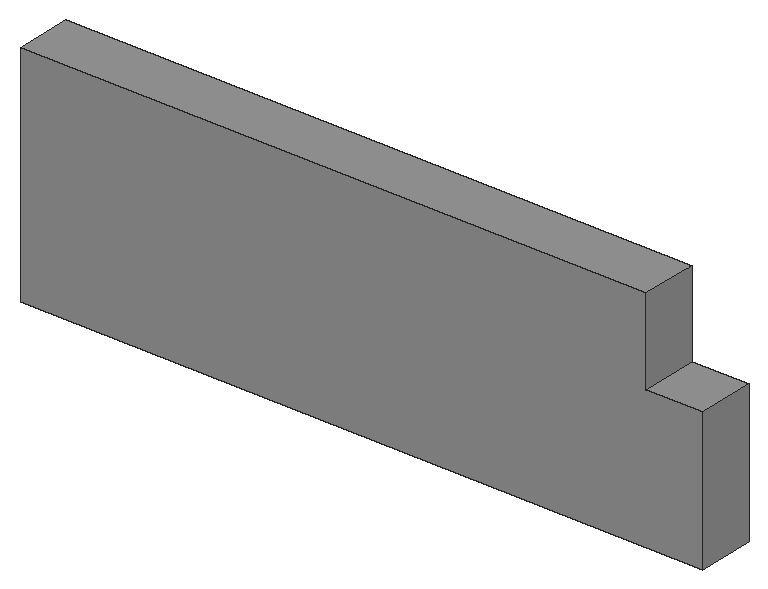
Revit family "Stonepanel_Sabbia_PiezaDeEncuentro_ESP", category Modelos genéricos, Revit 2017
Family settings
  Anfitrión = Muro
  Puede alojar armadura = No
  Cota de conector redondo = Diámetro de uso
  Tipo de pieza = Normal
  Siempre vertical = Sí
  Corte con vacíos al cargar = No
  Compartido = No
  Punto de cálculo de habitación = No
Parameters (values of type "Stonepanel® Sabbia")
  Ventajas de Stonepanel = "Eficaz: Instalación ágil y sencilla : 10 veces más rápido que la mampostería tradicional (Ritmo medio de colocación de 20 m2/día). Mayor rentabilidad gracias al menor desperdicio de material en obra y a la durabilidad de un producto natural frente a otros revestimientos. La colocación de los paneles no requiere mano de obra ni maquinaria especializada.\r\nSeguro: Un sistema de anclaje patentado, de acero inoxidable, que permite su instalación a más de 2 metros de altura. Base de cemento homogénea y rugosa que garantiza la adhesión y permite el corte sin desprendimiento.\r\nCalidad: Control permanente del proceso de producción desde la oficina I+D+I. Una cuidada selección de piedra natural realizada por los expertos de CUPASTONE. Disponibilidad de piezas especiales para adaptarse perfectamente a cada edificio: esquinas (macizas, rectas, dobles o para ventanas), cubremuros, y otros complementarios.\r\nEstética: Forma de “S” que evita la visión de las juntas para homogenizar el aspecto final. Gran variedad de paneles para elegir entre colores y acabados de piedra natural. La propia belleza y exclusividad de la piedra natural: Cada piedra es\r\núnica."
  Usos Indicados = "Revestimiento de Paredes exteriores e interiores en edificaciones nuevas o rehabilitaciones"
  Uniclass 2015 = "Pr_25_71_14_56 Natural stone panels"
  Uniclass 2 = "Pr_25_71_14_56 Natural stone panels"
  URL = "http://www.cupastone.es/producto/stonepanel-orient/"
  Sistema de anclaje = "Cinta perforada en acero inoxidable:\r\n- Naturaleza del acero: AISI 316 (1.4401) o AISI 304 (1.4301)\r\n- Espesor mínimo (mm) : 0,7\r\n- Ancho (mm) : 12 a 15\r\n- Diámetro del hueco (mm) : 6 ± 1\r\n\r\nTacos:\r\nLa elección de los tacos y clavijas de fijación debe ser realizada teniendo en cuenta la acción en depresión del viento (muros exteriores) y de la resistencia de los tacos en el soporte, en función de la naturaleza del soporte."
  Resistencia al fuego = "No combustible"
  Resistencia = "Buena resistencia"
  Peso = "8,75 kg"
  Oxidación = "No oxida"
  Otros datos de interés del producto = "Dispone de un anclaje para instalar a alturas superiores a 2 metros"
  Omniclass = "23-15 15 15 11"
  NBS Reference = "45-25-45/380 Natural stone panels"
  Modelo = "Stonepanel® Sabbia"
  Material = "Panel de piedra caliza de tonalidad crema con surcos dorados y color tierra. Se trata de la piedra más clara y luminosa de STONEPANEL®"
  Limpieza = "En general, los paneles no requieren mantenimiento y son auto- limpiantes, pero la eliminación de algunos tipos de marcas pueden requerir un tratamiento especializado.\r\nEn caso de suciedad anormal, la superficie puede limpiarse con una mezcla / detergente doméstico y agua caliente , aplicada con una almohadilla de limpieza adecuado o una esponja."
  Largo = 600 mm
  Impacto = "-"
  Imagen de tipo = <Ninguno>
  Formato = "600 x 200"
  Forma de suministro = "Los paneles se presentan en parejas, en un embalaje plástico de 2 piezas."
  Forma = "Forma de \"s\""
  Fabricante = "Cupastone"
  Envejecimiento por cambio térmicos = "Sin alteraciones despues de 20 ciclos."
  Ensayos realizados por Avis Technique = "Resistencia mecánica del anclaje, Resistencia mecánica de la cinta de seguridad, Ensayo de durabilidad tras la acción del agua, Ensayo de durabilidad tras la acción del hielo, Ensayo sísmico"
  Durabilidad = "Según el certificado BBA, el sistema tiene una vida de diseño superior a 30 años."
  Detalles constructivos = "Detalles de:\r\n- Instalación con perfil metálico\r\n- Instalación de Stonepanel\r\n- Instalación en muro interior\r\n- Instalación del elemento de seguridad (cinta perforada + tacos)\r\n- Esquinas entrantes\r\n- Esquinas salientes\r\n- Esquinas salientes pre-fabricadas\r\n- Esquinas salientes mediante serrado del panel\r\n- Esquinas salientes sin continuidad de Stonepanel (caso de una fachada lateral)\r\n- Bordes superiores\r\n- Sobre parapeto\r\n- Marco de vano"
  Desfase de altura = 0 mm
  Descripción = "Pieza de piedra natural montada sobre una base de cemento y reforzada con una malla de fibra de vidrio .\r\nPosee sistema de anclaje patentado, de acero inoxidable, que permite su instalación a más de 2 metros de altura"
  Densidad aparente = "79,5 kg/m2"
  Color secundario = "Dorado"
  Color principal = "Crema"
  Certificaciones = "Avis Technique - Francia - En proceso"
  Aspecto = "Natural"
  Ancho = 50 mm
  Alto = 200 mm
  Acabado = "Natural"
  Absorción = "Baja absorción"
Reference planes
  plane 1 "Muro": y = 0
  plane 2 "Centro (Izquierda/Derecha)": x = 125
  plane 3 "Posterior": y = 75
Forms (mm)
  Extrusion 1, solid, material "Stonepanel® SKY Orient"
    sketch origin (0, 160, 1120) x (1, 0, 0) y (0, 0, 1)
      loop
        line (125, -1120) -> (125, -996) -> (75, -996) -> (75, -920) -> (-475, -920) -> (-475, -1120) -> (125, -1120)
    from 35 to 85
Text (mm)
  text "Cara de colocación" at (-1848.837, 1116.779, 0), in view "Nivel de referencia"
  text "Cara de colocación" at (0, 1409.804, 2854.306), in view "Izquierda"
  text "Cara de colocación" at (0, 499.811, 2980.732), in view "Derecha"
Dimensions and locks
  locked: plane 3 "Posterior" to host wall
  locked: Extrusion 1 to plane 3 "Posterior" at 0
  "Ancho": Extrusion 1 to Extrusion 1
  "Largo": Extrusion 1 to Extrusion 1
  locked: Extrusion 1 to Extrusion 1 at 76
  "Desfase de altura": level to Extrusion 1
  locked: Extrusion 1 to Extrusion 1 at 50
  "Alto": Extrusion 1 to Extrusion 1
  aligned and locked: plane 1 "Muro" to host wall
Automatic sketch dimensions
  Extrusion 1 sketch curve to level = 0 mm
  Extrusion 1 sketch curve to plane 2 "Centro (Izquierda/Derecha)" = 0 mm
  Extrusion 1 sketch curve to plane 2 "Centro (Izquierda/Derecha)" = 50 mm
  level to Extrusion 1 sketch curve = 200 mm
  Extrusion 1 sketch curve to Extrusion 1 sketch curve = 550 mm
  level to Extrusion 1 sketch curve = 124 mm
